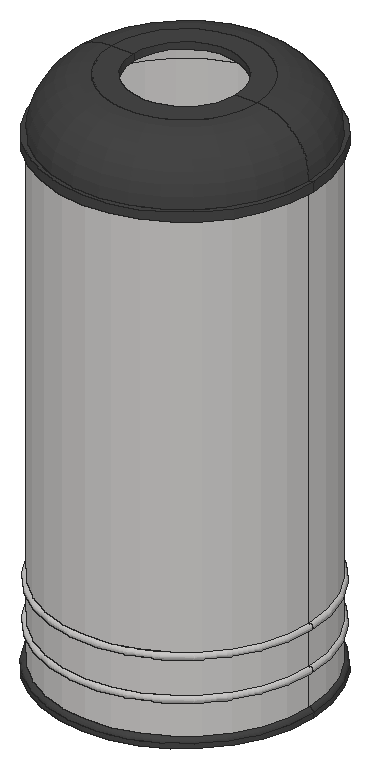
Revit family
Parameters (values of type "B-2300")
  URL = "http://www.bobrick.com"
  Revised Date = "23/08/2013"
  Product URL = "http://www.bobrick.com/washroomaccessories/Pages/ProductDetails.aspx?Product+Number%3DB-2300"
  Phone # = "416-250-5656"
  Model = "B-2300"
  Material = Satin-Finish Staniless Steel
  Manufacturer = "Bobrick"
  Designed By = "ATS BIM Team"
  Description = "Satin-finish stainless steel body with black steel-domed top. Removable top with fingerprint-resistant textured powder coated finish has 6\" (150mm) diameter opening for hygienic, no-touch disposal of waste.Galvanized steel liner has grommeted lift holes. Capacity: 18-gal. (68-L). Unit 15\" diameter, 31\" H (380 x 785mm)."
  Default Elevation = 0' - 0"
Reference planes (in)
  plane 1 "Center (Front/Back)": y = 0
  plane 2: z = 0
  plane 3 "Center (Left/Right)": x = 0
  plane 4: x = -7.5
  plane 5: x = 7.5
Forms (in)
  Revolve 1, solid, material "Satin-Finish Staniless Steel" <- "Material"
    sketch origin (0, 0, 0) x (1, 0, 0) y (0, 0, 1)
      loop
        line (-7.5, 0) -> (0, 0) -> (0, 0.375) -> (-6.8802, 0.375) -> (-6.8802, 27.9948)
        arc (-6.8802, 27.9948) -> (-6.10983, 29.85463) -> (-4.25, 30.625) r 2.6302
        line (-4.25, 30.625) -> (-3, 30.625) -> (-3, 31) -> (-4.25, 31)
        arc (-4.25, 31) -> (-6.375, 30.1198) -> (-7.2552, 27.9948) r 3.0052
        line (-7.2552, 27.9948) -> (-7.5, 27.9948) -> (-7.5, 27.4948) -> (-7.25, 27.4948) -> (-7.25, 4.88654)
        arc (-7.25, 4.88654) -> (-7.43759, 4.69894) -> (-7.25, 4.51135) r 0.18759
        line (-7.25, 4.51135) -> (-7.25, 2.63654)
        arc (-7.25, 2.63654) -> (-7.43759, 2.44894) -> (-7.25, 2.26135) r 0.18759
        line (-7.25, 2.26135) -> (-7.25, 0.51135)
        arc (-7.25, 0.51135) -> (-7.42678, 0.43813) -> (-7.5, 0.26135) r 0.25
        line (-7.5, 0.26135) -> (-7.5, 0)
      axis (0, 31) -> (0, 0)
    angle from 0 to 360
